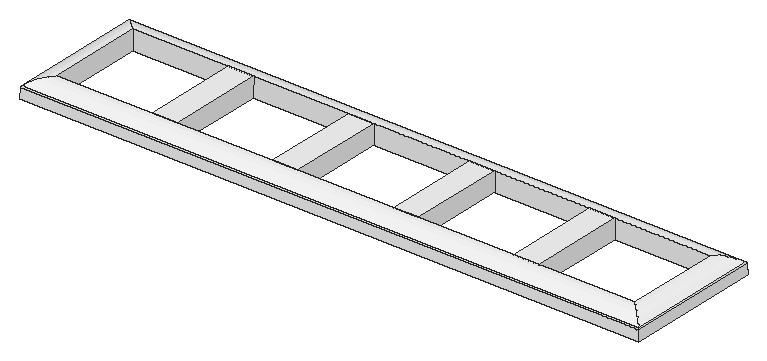
Revit family "Gira_021501", category Electrical Fixtures, host Face, Revit 2017
Family settings
  Host = Face
  Maintain Annotation Orientation = No
  Round Connector Dimension = Use Diameter
  Part Type = Normal
  Cut with Voids When Loaded = No
  Shared = No
  Room Calculation Point = No
Parameters (values of type "Abdeckrahmen 5f Standard 55 Cremeweiß")
  Werkstoffgüte = "Thermoplast"
  Werkstoff = "Kunststoff"
  URL = "http://katalog.gira.de/de_DE/datenblatt.html?artikelnr=021501"
  Transparent = "No"
  Textfeld/Beschriftungsfläche = "No"
  Schutzart (IP) = "IP20"
  Region = "DE"
  RAL-Nummer (ähnlich) = "1013 "
  Oberfläche = "sonstige"
  Name = "Abdeckrahmen 5f Standard 55 Cremeweiß"
  Montagerichtung = "horizontal und vertikal"
  Mit Montagerahmen = "No"
  Mit Klappdeckel = "No"
  Manufacturer URL = "https://www.gira.de/"
  Keynote = "Std55_Rahmen_5fach"
  HeinzeBIM = "https://bimportal.heinze.de/bim/abdeckrahmen-5f-standard-55-cremeweiss/15cee2c8862254aca9ab0166b3456d2c95b9fd6f"
  Halogenfrei = "Yes"
  HAN = "021501"
  Geeignet für Unterputz-Installation = "Yes"
  Geeignet für Unterflurkanaldose = "No"
  Geeignet für Geräteeinbaukanal = "No"
  Geeignet für Einbauinstallation = "No"
  GTIN = "4010337215011"
  Farbe = "cremeweiß (elektroweiß)"
  Default Elevation = 1219.2 mm
  Data sheet (1) = "https://katalog.gira.de/de_DE/download.html?artikelnr=021501"
  Category = "Abdeckrahmen"
  Befestigungsart = "Klemmbefestigung"
  Available = "Yes"
  Ausführung der Oberfläche = "glänzend"
  Anzahl der Einheiten vertikal = "5 "
  Anzahl der Einheiten horizontal = "5 "
  Anzahl der Einheiten = "5 "
Reference planes
  plane 1 "Center (Front/Back)": y = 0
  plane 2: z = 0
  plane 3 "Center (Left/Right)": x = 0
  plane 4: x = -40.3
  plane 5: x = 40.3
  plane 6: y = 183
  plane 7: y = -183
  plane 8: y = 35.7
  plane 9: y = -35.7
  plane 10: y = 107
  plane 11: y = -107
Forms (mm)
  Sweep 1, solid, material "White", detail levels fine
    path origin (0, 0, 0) x (0, -1, 0) y (1, 0, 0)
      loop
        line (40.3, 183) -> (-40.3, 183) -> (-40.3, -183) -> (40.3, -183) -> (40.3, 183)
    profile origin (183, 0, 0) x (-1, 0, 0) y (0, 0, 1)
      loop
        arc (12.22, 11.373) -> (5.983, 10.294) -> (0.641, 6.901) r 16.145
        arc (0.641, 6.901) -> (0.395, 6.426) -> (0.309, 5.898) r 1.694
        line (0.309, 5.898) -> (0, 0) -> (12.319, 0) -> (12.22, 11.373)
  Extrusion 2, solid, material "White", detail levels fine
    sketch origin (-107, 0, 0) x (1, 0, 0) y (0, 0, 1)
      loop
        line (7.4, 0) -> (7.4, 11.373) -> (-7.4, 11.373) -> (-7.4, 0) -> (7.4, 0)
    from -28.08 to 28.08
  Extrusion 3, solid, material "White", detail levels fine
    sketch origin (107, 0, 0) x (1, 0, 0) y (0, 0, 1)
      loop
        line (7.4, 0) -> (7.4, 11.373) -> (-7.4, 11.373) -> (-7.4, 0) -> (7.4, 0)
    from -28.08 to 28.08
  Extrusion 4, solid, material "White", detail levels fine
    sketch origin (35.7, 0, 0) x (1, 0, 0) y (0, 0, 1)
      loop
        line (7.4, 0) -> (7.4, 11.373) -> (-7.4, 11.373) -> (-7.4, 0) -> (7.4, 0)
    from -28.08 to 28.08
  Extrusion 5, solid, material "White", detail levels fine
    sketch origin (-35.7, 0, 0) x (1, 0, 0) y (0, 0, 1)
      loop
        line (7.4, 0) -> (7.4, 11.373) -> (-7.4, 11.373) -> (-7.4, 0) -> (7.4, 0)
    from -28.08 to 28.08
  Extrusion 6, solid, material "White", detail levels coarse+medium
    sketch origin (0, 0, 0) x (0, -1, 0) y (1, 0, 0)
      loop
        line (-39.659, 182.359) -> (-39.659, -182.365) -> (39.665, -182.365) -> (39.665, 182.359) -> (-39.659, 182.359)
    from 0 to 11.373
Dimensions and locks
  aligned and locked: plane 2 to host face
  aligned and locked: level to host face
